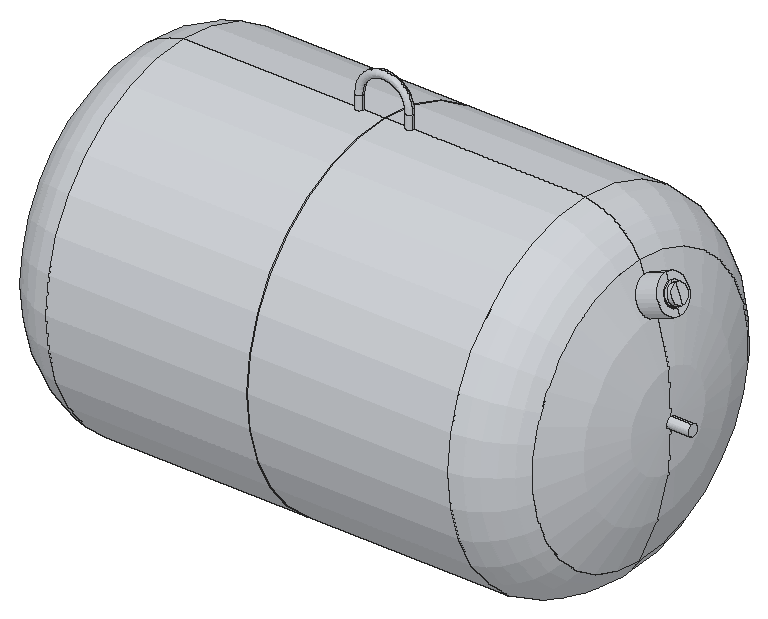
Revit family
Parameters (values of type "AX-120 125# W.P.")
  Weight = "204 lbs"
  Tank Volume = "55.7 Gal"
  Tank Radius = Tank Diameter / 2  # 12.000"
  Tank Length = 39.875"
  Tank Diameter = 24.000"
  Pipe Connector Diameter = Pipe Connection Radius * 2  # 1.000"
  Pipe Connection Radius = 0.500"
  Off Ref Plane = 2.750"
  Model = "AX-120"
  Maximum Acceptance Volume = "29.0 Gal"
  Max Operating Temp = "240 DEG F"
  Max Operating Pressure = "125 PSI"
  Manufacturer = "Amtrol"
  Bladder/Diaphragm = "Diaphragm"
  ASME = no
  1/2 Tank Length = Tank Length / 2  # 19.9375"
Types (10): name | Weight | Tank Volume | Tank Length | Model | Maximum Acceptance Volume | Max Operating Pressure | 1/2 Tank Length
  (no name) | "204 lbs" | "55.7 Gal" | 39.875" | "AX-120" | "29.0 Gal" | "125 PSI" | 19.9375"
  AX-120 125# W.P. | "204 lbs" | "55.7 Gal" | 39.875" | "AX-120" | "29.0 Gal" | "125 PSI" | 19.9375"
  AX-120 150# W.P. 10 BAR | "255 lbs" | "55.7 Gal" | 39.875" | "AX-120" | "29.0 Gal" | "150 PSI" | 19.9375"
  AX-144 125# W.P. | "218 lbs" | "77 Gal" | 44.750" | "AX-144" | "34 Gal" | "125 PSI" | 22.375"
  AX-144 150# W.P. 10 BAR | "254 lbs" | "77 Gal" | 44.750" | "AX-144" | "34 Gal" | "150 PSI" | 22.375"
  AX-180 125# W.P. | "232 lbs" | "92 Gal" | 52.125" | "AX-180" | "34 Gal" | "125 PSI" | 26.0625"
  AX-180 150# W.P. 10 BAR | "275 lbs" | "92 Gal" | 51.500" | "AX-180" | "34 Gal" | "150 PSI" | 25.750"
  AX-200 125# W.P. | "269 lbs" | "110 Gal" | 65.625" | "AX-200" | "34 Gal" | "125 PSI" | 32.8125"
  AX-200 150# W.P. 10 BAR | "269 lbs" | "110 Gal" | 65.625" | "AX-200" | "34 Gal" | "150 PSI" | 32.8125"
  AX-200 175# W.P. | "357.5 lbs" | "110 Gal" | 65.625" | "AX-200" | "34 Gal" | "175 PSI" | 32.8125"
Reference planes (in)
  plane 1 "Center (Front/Back)": y = 0
  plane 2: z = 0
  plane 3 "Center (Left/Right)": x = 0
  plane 4: z = 2.75
Forms (in)
  Revolve 1, solid
    sketch origin (1.01596, 0, 6.86211) x (1, 0, 0) y (0, 0, 1)
      loop
        line (17.47, 15.29207) -> (17.95407, 14.09398) -> (19.57664, 14.74954) -> (19.38933, 15.21313) -> (19.51478, 15.26381) -> (19.46636, 15.38366) -> (19.78936, 15.51416) -> (19.54102, 16.12882) -> (17.47, 15.29207)
      axis (17.47, 15.29207) -> (19.54102, 16.12882)
    angle from 0 to 360
  Revolve 2, solid
    sketch origin (0, 0, 0) x (1, 0, 0) y (0, 0, 1)
      loop
        line (-19.93341, 14.75007) -> (0.00409, 14.75007) -> (0.00409, 26.75007) -> (-14.01671, 26.75007)
        arc (-14.01671, 26.75007) -> (-16.19824, 25.86858) -> (-17.80032, 24.14538) r 5.41757
        arc (-17.80032, 24.14538) -> (-19.49369, 19.59004) -> (-19.93341, 14.75007) r 18.37229
      axis (0.00409, 14.75007) -> (-19.93341, 14.75007)
    angle from 0 to 360
  Revolve 3, solid
    sketch origin (0, 0, 0) x (-1, 0, 0) y (0, 0, 1)
      loop
        line (-19.9375, 14.75007) -> (0, 14.75007) -> (0, 26.75007) -> (-14.0208, 26.75007)
        arc (-14.0208, 26.75007) -> (-16.20211, 25.86894) -> (-17.80441, 24.14639) r 5.41862
        arc (-17.80441, 24.14639) -> (-19.49777, 19.59053) -> (-19.9375, 14.75007) r 18.37638
      axis (0, 14.75007) -> (-19.9375, 14.75007)
    angle from 0 to 360
  Sweep 4, solid
    path origin (0, 0, 0) x (1, 0, 0) y (0, 0, 1)
      loop
        line (19.85113, 14.75007) -> (21.47613, 14.75007)
    profile origin (20.66363, 0, 14.75007) x (0, 0, 1) y (0, -1, 0)
      loop
        circle (0, 0) r 0.375
  Sweep 5, solid
    path origin (0, 0, 0) x (1, 0, 0) y (0, 0, 1)
      loop
        line (-1.75, 26.68678) -> (-1.75, 27.68678)
        arc (-1.75, 27.68678) -> (0, 29.43678) -> (1.75, 27.68678) r 1.75
        line (1.75, 27.68678) -> (1.75, 26.68678)
    profile origin (-1.75, 0, 27.18678) x (-1, 0, 0) y (0, -1, 0)
      loop
        circle (0, 0) r 0.25
Dimensions and locks (in)
  Revolve 1 sketch curve to Revolve 1 sketch curve = 2.23366"
  Revolve 1 sketch curve to Revolve 1 sketch curve = 1.750"
  Revolve 1 sketch curve to Revolve 1 sketch curve = 1.8853"
  plane 4 to plane 2 = 2.750"
  locked: Revolve 2 sketch curve to level at 14.75007
  "1/2 Tank Length": Revolve 2 sketch curve to Revolve 2 sketch curve
  "Tank Radius": Revolve 2 sketch curve to Revolve 2 sketch curve
  "1/2 Tank Length": Revolve 3 sketch curve to Revolve 3 sketch curve
  "Tank Radius": Revolve 3 sketch curve to Revolve 3 sketch curve
  Revolve 3 sketch curve to level = 14.75007"
  Revolve 3 to Sweep 4 sketch curve = 2.04672"
  Revolve 3 to Revolve 2 sketch curve = 0.00409"
  Revolve 3 sketch curve to plane 3 "Center (Left/Right)" = 0.000"
  plane 3 "Center (Left/Right)" to Revolve 3 sketch curve = 0.00409"
  Revolve 3 to Revolve 1 sketch curve = 1.16561"
  Revolve 3 to Revolve 1 sketch curve = 0.68155"
  plane 3 "Center (Left/Right)" to Sweep 5 sketch curve = 1.750"
  radius of Revolve 3 sketch curve = 5.41862"
  radius of Revolve 3 sketch curve = 18.37638"
  radius of Revolve 2 sketch curve = 5.41757"
  radius of Revolve 2 sketch curve = 18.37229"
  aligned and locked: Revolve 2 sketch curve to Revolve 2 sketch curve  (x2)
  aligned and locked: Revolve 3 sketch curve to Revolve 3 sketch curve
  aligned and locked: import instance to plane 1 "Center (Front/Back)"
  aligned and locked: import instance to plane 4
Automatic sketch dimensions
  Revolve 1 sketch curve to Revolve 1 sketch curve = 1.21693"
  Revolve 1 sketch curve to Revolve 1 sketch curve = 1.43527"
  Revolve 1 sketch curve to Revolve 1 sketch curve = 0.07703"
  level to Revolve 1 sketch curve = 22.12593"
  Revolve 1 sketch curve to Revolve 1 sketch curve = 0.04842"
  Revolve 1 sketch curve to Revolve 1 sketch curve = 0.88438"
  Revolve 1 sketch curve to Revolve 1 sketch curve = 0.49167"
  Revolve 1 sketch curve to Revolve 1 sketch curve = 0.35731"
  Revolve 2 sketch curve to Revolve 2 sketch curve = 4.12091"
  Revolve 2 sketch curve to Revolve 2 sketch curve = 2.13309"
  Revolve 2 sketch curve to Revolve 2 sketch curve = 3.78361"
  Sweep 4 sketch curve to plane 1 "Center (Front/Back)" = 0.000"
  profile plane to Sweep 4 sketch curve = 0.000"
  Revolve 2 sketch curve to Revolve 2 sketch curve = 0.77227"
  Revolve 3 sketch curve to Revolve 3 sketch curve = 4.12091"
  Revolve 3 sketch curve to Revolve 3 sketch curve = 2.13309"
  Revolve 3 sketch curve to Revolve 3 sketch curve = 0.89046"
  Revolve 3 sketch curve to Revolve 3 sketch curve = 0.77227"
  Sweep 4 sketch curve to Sweep 4 sketch curve = 1.625"
  plane 4 to Sweep 4 sketch curve = 12.00007"
  Sweep 5 sketch curve to plane 3 "Center (Left/Right)" = 0.000"
  plane 4 to Sweep 5 sketch curve = 23.93678"
  Sweep 5 sketch curve to Sweep 5 sketch curve = 0.000"
  Sweep 5 sketch curve to Sweep 5 sketch curve = 1.000"
  plane 1 "Center (Front/Back)" to Sweep 5 sketch curve = 0.000"
  Sweep 5 sketch curve to profile plane = 0.000"
  radius of Sweep 4 sketch curve = 0.375"
  radius of Sweep 5 sketch curve = 0.250"
Connectors (in)
  piping at (21.47613, 0, 14.75007), driven by "Pipe Connection Radius"
    settings: on Sweep 4, index 1
